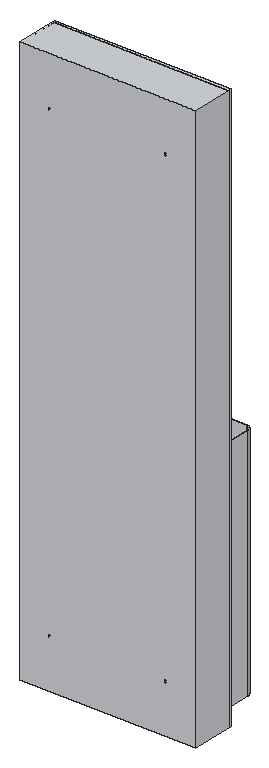
Revit family "AX9205_0006", category Appareils sanitaires, Revit 2016
Family settings
  Hôte = Mur
  Type d'élément = Normal
  Cote de connecteur circulaire = Utiliser le diamètre
  Numéro OmniClass = 23.75.00.00
  Titre OmniClass = Climate Control (HVAC)
  Toujours verticalement = Oui
  Couper avec des vides une fois chargée = Non
  Partagée = Non
  Point de calcul de pièce = Non
Parameters (values of type "Type 1")
  URL = "https://www.axeuro.com/fr/combines-2-en-1/25435-combine-distributeur-d-essuie-mains-et-poubelle-ax9205.html?search_query=ax9205&results=3"
  Modèle = "AX9205"  # constant formula
  Matériaux = "\tEn inox 304 (18/10) Bactériostatique"  # constant formula
  Finition = "Brossé Poli Satiné HyperPolish"  # constant formula
  Fabricant = "Axeuro"  # constant formula
  Description = "Combiné : distributeur d'essuie-mains et poubelle"  # constant formula
Reference planes
  plane 1 "Mur": y = 0
  plane 2 "Centre (gauche/droite)": x = 0
  plane 3 "Arrière": y = 75
Forms (mm)
  Extrusion 1, solid
    sketch origin (12.394, -8.813, 52.381) x (1, 0, 0) y (0, 0, 1)
      loop
        line (206.606, 2149.119) -> (-230.394, 2149.119) -> (-230.394, 727.119) -> (206.606, 727.119) -> (206.606, 2149.119)
      loop
        line (181.606, 752.119) -> (181.606, 2125.119) -> (-206.394, 2125.119) -> (-206.394, 752.119) -> (181.606, 752.119)
    from -192.813 to -185.813
  Extrusion 2, solid
    sketch origin (792.002, 77, -259.389) x (1, 0, 0) y (0, 0, 1)
      loop
        line (-573.002, 2460.889) -> (-1010.002, 2460.889) -> (-1010.002, 1038.889) -> (-573.002, 1038.889) -> (-573.002, 2460.889)
      loop
        line (-575.002, 2458.864) -> (-1008.002, 2458.864) -> (-1008.002, 1040.889) -> (-575.002, 1040.889) -> (-575.002, 2458.864)
    from -100 to 0
  Extrusion 3, solid
    sketch origin (0, 2, -2) x (1, 0, 0) y (0, 1, 0)
      loop
        line (-218, 73) -> (219, 73) -> (219, 75) -> (-218, 75) -> (-218, 73)
    from 781.5 to 2203.5
  Extrusion 4, void
    sketch origin (54.494, 0, 59.77) x (1, 0, 0) y (0, 0, 1)
      loop
        circle (90.506, 2018.73) r 3
    from -77.018 to -75
  Extrusion 5, void
    sketch origin (-54.494, 0, 59.77) x (-1, 0, 0) y (0, 0, -1)
      loop
        circle (90.506, -2018.73) r 3
    from -77.018 to -75
  Extrusion 6, void
    sketch origin (-54.494, -0.018, 2922.089) x (-1, 0, 0) y (0, 0, -1)
      loop
        circle (90.506, 2018.73) r 3
    from -77.018 to -75
  Extrusion 7, solid
    sketch origin (0, 0.3, 0) x (1, 0, 0) y (0, 1, 0)
      loop
        arc (-178.197, 283.7) -> (-189.441, 278.278) -> (-194, 266.658) r 17.091
        line (-194, 266.658) -> (-194, 76.7) -> (0, 76.7) -> (194, 76.7) -> (194, 266.658)
        arc (194, 266.658) -> (189.441, 278.278) -> (178.197, 283.7) r 17.091
        line (178.197, 283.7) -> (0, 283.7) -> (-178.197, 283.7)
      loop
        arc (-178.131, 282) -> (-188.216, 277.1) -> (-192.3, 266.658) r 15.391
        line (-192.3, 266.658) -> (-192.3, 78.718) -> (0, 78.718) -> (192.3, 78.718) -> (192.3, 266.658)
        arc (192.3, 266.658) -> (188.216, 277.1) -> (178.131, 282) r 15.391
        line (178.131, 282) -> (0, 282) -> (-178.131, 282)
    from 802.5 to 1394.5
  Extrusion 8, solid
    sketch origin (0, 0.3, 0) x (1, 0, 0) y (0, 1, 0)
      loop
        line (-194, 77.018) -> (0, 77.018) -> (194, 77.018) -> (194, 266.658)
        arc (194, 266.658) -> (189.441, 278.278) -> (178.197, 283.7) r 17.091
        line (178.197, 283.7) -> (0, 283.7) -> (-178.197, 283.7)
        arc (-178.197, 283.7) -> (-189.441, 278.278) -> (-194, 266.658) r 17.091
        line (-194, 266.658) -> (-194, 77.018)
    from 802.5 to 804.5
  Extrusion 9, solid
    sketch origin (0, 2, 0) x (0, 1, 0) y (0, 0, 1)
      loop
        line (75, 2178.475) -> (75, 1736.086) -> (182, 1754.207) -> (182, 2178.475) -> (75, 2178.475)
    from -194 to 194
  Revolve 10, solid
    sketch origin (157.402, 0.985, 17.924) x (0, 1, 0) y (0, 0, 1)
      loop
        line (183.015, 1951.576) -> (183.015, 1947.779) -> (188.973, 1947.779)
        arc (188.973, 1947.779) -> (186.535, 1950.527) -> (183.015, 1951.576) r 6.699
      axis (188.973, 1939.978) -> (183.015, 1939.978)
    angle from 0 to 360
  Extrusion 11, solid
    sketch origin (157.402, 75.985, 17.924) x (1, 0, 0) y (0, 0, 1)
      loop
        circle (0, 1940.019) r 7.777
    from -113.973 to -108.015
  Extrusion 12, void
    sketch origin (159.603, 75.985, 18.561) x (1, 0, 0) y (0, 0, 1)
      loop
        line (-0.713, 1944.317) -> (-3.713, 1944.317) -> (-3.713, 1934.447) -> (-0.713, 1934.447) -> (-0.713, 1944.317)
    from -113.973 to -108.015
  Revolve 13, solid, not visible
    sketch origin (162.118, 0, 18.451) x (0, 1, 0) y (0, 0, 1)
      loop
        line (183.015, 1951.576) -> (183.015, 1947.779) -> (188.973, 1947.779)
        arc (188.973, 1947.779) -> (186.535, 1950.527) -> (183.015, 1951.576) r 6.699
      axis (188.973, 1939.978) -> (183.015, 1939.978)
    angle from 0 to 360
  Extrusion 14, solid, not visible
    sketch origin (162.118, 75, 18.451) x (1, 0, 0) y (0, 0, 1)
      loop
        circle (0, 1940.019) r 7.777
    from -113.973 to -108.015
  Extrusion 15, void, not visible
    sketch origin (164.319, 75, 19.088) x (1, 0, 0) y (0, 0, 1)
      loop
        line (-0.713, 1944.317) -> (-3.713, 1944.317) -> (-3.713, 1934.447) -> (-0.713, 1934.447) -> (-0.713, 1944.317)
    from -113.973 to -108.015
  Revolve 16, solid
    sketch origin (0, -80.045, -519.974) x (0, 1, 0) y (0, 0, 1)
      loop
        line (183.015, 1951.576) -> (183.015, 1947.779) -> (188.973, 1947.779)
        arc (188.973, 1947.779) -> (186.535, 1950.527) -> (183.015, 1951.576) r 6.699
      axis (188.973, 1939.978) -> (183.015, 1939.978)
    angle from 0 to 360
  Extrusion 17, solid
    sketch origin (0, -5.045, -519.974) x (1, 0, 0) y (0, 0, 1)
      loop
        circle (0, 1940.019) r 7.777
    from -113.973 to -108.015
  Extrusion 18, void
    sketch origin (2.201, -5.045, -519.337) x (1, 0, 0) y (0, 0, 1)
      loop
        line (-0.713, 1944.317) -> (-3.713, 1944.317) -> (-3.713, 1934.447) -> (-0.713, 1934.447) -> (-0.713, 1944.317)
    from -113.973 to -108.015
  Revolve 19, solid, not visible
    sketch origin (0, 0, -534.619) x (0, 1, 0) y (0, 0, 1)
      loop
        line (183.015, 1951.576) -> (183.015, 1947.779) -> (188.973, 1947.779)
        arc (188.973, 1947.779) -> (186.535, 1950.527) -> (183.015, 1951.576) r 6.699
      axis (188.973, 1939.978) -> (183.015, 1939.978)
    angle from 0 to 360
  Extrusion 20, solid, not visible
    sketch origin (0, 75, -534.619) x (1, 0, 0) y (0, 0, 1)
      loop
        circle (0, 1940.019) r 7.777
    from -113.973 to -108.015
  Extrusion 21, void, not visible
    sketch origin (2.201, 75, -533.982) x (1, 0, 0) y (0, 0, 1)
      loop
        line (-0.713, 1944.317) -> (-3.713, 1944.317) -> (-3.713, 1934.447) -> (-0.713, 1934.447) -> (-0.713, 1944.317)
    from -113.973 to -108.015
  Revolve 22, solid, not visible
    sketch origin (0, 0, -534.619) x (0, 1, 0) y (0, 0, 1)
      loop
        line (183.015, 1951.576) -> (183.015, 1947.779) -> (188.973, 1947.779)
        arc (188.973, 1947.779) -> (186.535, 1950.527) -> (183.015, 1951.576) r 6.699
      axis (188.973, 1939.978) -> (183.015, 1939.978)
    angle from 0 to 360
  Extrusion 23, solid, not visible
    sketch origin (0, 75, -534.619) x (1, 0, 0) y (0, 0, 1)
      loop
        circle (0, 1940.019) r 7.777
    from -113.973 to -108.015
  Extrusion 24, void, not visible
    sketch origin (2.201, 75, -533.982) x (1, 0, 0) y (0, 0, 1)
      loop
        line (-0.713, 1944.317) -> (-3.713, 1944.317) -> (-3.713, 1934.447) -> (-0.713, 1934.447) -> (-0.713, 1944.317)
    from -113.973 to -108.015
  Extrusion 25, void
    sketch origin (0, -12.375, 0) x (1, 0, 0) y (0, 1, 0)
      loop
        line (-125.246, 130) -> (-8.351, 117.16)
        arc (-8.351, 117.16) -> (0, 117.096) -> (8.351, 117.16) r 546.45
        line (8.351, 117.16) -> (125.246, 130)
        arc (125.246, 130) -> (132.048, 140) -> (125.246, 150) r 10.752
        line (125.246, 150) -> (75.246, 150)
        arc (75.246, 150) -> (61.579, 150.358) -> (47.95, 151.431) r 261.137
        arc (47.95, 151.431) -> (26.164, 166.695) -> (0, 171.504) r 62.43
        arc (0, 171.504) -> (-26.164, 166.695) -> (-47.95, 151.431) r 62.43
        arc (-47.95, 151.431) -> (-61.579, 150.358) -> (-75.246, 150) r 261.137
        line (-75.246, 150) -> (-125.246, 150)
        arc (-125.246, 150) -> (-132.048, 140) -> (-125.246, 130) r 10.752
    from 1727.5 to 1862.566
  Revolve 26, solid, not visible
    sketch origin (162.118, 0, 18.451) x (0, 1, 0) y (0, 0, 1)
      loop
        line (183.015, 1951.576) -> (183.015, 1947.779) -> (188.973, 1947.779)
        arc (188.973, 1947.779) -> (186.535, 1950.527) -> (183.015, 1951.576) r 6.699
      axis (188.973, 1939.978) -> (183.015, 1939.978)
    angle from 0 to 360
  Extrusion 27, solid, not visible
    sketch origin (162.118, 75, 18.451) x (1, 0, 0) y (0, 0, 1)
      loop
        circle (0, 1940.019) r 7.777
    from -113.973 to -108.015
  Extrusion 28, void, not visible
    sketch origin (164.319, 75, 19.088) x (1, 0, 0) y (0, 0, 1)
      loop
        line (-0.713, 1944.317) -> (-3.713, 1944.317) -> (-3.713, 1934.447) -> (-0.713, 1934.447) -> (-0.713, 1944.317)
    from -113.973 to -108.015
  Revolve 29, solid, not visible
    sketch origin (0, -82.045, -534.619) x (0, 1, 0) y (0, 0, 1)
      loop
        line (183.015, 1951.576) -> (183.015, 1947.779) -> (188.973, 1947.779)
        arc (188.973, 1947.779) -> (186.535, 1950.527) -> (183.015, 1951.576) r 6.699
      axis (188.973, 1939.978) -> (183.015, 1939.978)
    angle from 0 to 360
  Extrusion 30, solid, not visible
    sketch origin (0, -7.045, -534.619) x (1, 0, 0) y (0, 0, 1)
      loop
        circle (0, 1940.019) r 7.777
    from -113.973 to -108.015
  Extrusion 31, void, not visible
    sketch origin (2.201, -7.045, -533.982) x (1, 0, 0) y (0, 0, 1)
      loop
        line (-0.713, 1944.317) -> (-3.713, 1944.317) -> (-3.713, 1934.447) -> (-0.713, 1934.447) -> (-0.713, 1944.317)
    from -113.973 to -108.015
  Extrusion 32, solid
    sketch origin (0, 102, 14.141) x (0, 1, 0) y (0, 0, 1)
      loop
        line (-25, 1385.359) -> (0.97, 1385.359) -> (0.97, 1425.359) -> (-19.831, 1722.82) -> (-25, 1721.945) -> (-25, 1385.359)
    from -194 to 194
  Extrusion 33, void
    sketch origin (54.494, 0, -1115.23) x (1, 0, 0) y (0, 0, 1)
      loop
        circle (90.506, 2018.73) r 3
    from -77.018 to -75
  Extrusion 34, void
    sketch origin (70.506, 0, -1115.23) x (-1, 0, 0) y (0, 0, -1)
      loop
        circle (90.506, 2018.73) r 3
    from -77.018 to -75
  Extrusion 35, void
    sketch origin (0, 177, 0) x (1, 0, 0) y (0, 0, 1)
      loop
        line (194, 802.5) -> (194, 2180.5) -> (-194, 2180.5) -> (-194, 802.5) -> (194, 802.5)
    from -7 to 100
Cuts and joins
  Extrusion 5, Extrusion 6, Extrusion 12 cuts Extrusion 2
  Extrusion 4, Extrusion 5, Extrusion 6, Extrusion 12, Extrusion 33 cuts Extrusion 3
  joined: Extrusion 2, Extrusion 3
  Extrusion 33, Extrusion 34 cuts Extrusion 7
  Extrusion 35 cuts Extrusion 8
  joined: Extrusion 7, Extrusion 8
  Extrusion 18, Extrusion 25, Extrusion 33, Extrusion 34 cuts Extrusion 9
  Extrusion 12, Extrusion 18 cuts Extrusion 11
  Extrusion 18 cuts Extrusion 17
  Extrusion 33, Extrusion 34 cuts Extrusion 1
Lines and regions (mm)
  reference lines
    curve 1: line (219, 75, 1687.5) -> (219, 75, 1727.5)
    curve 2: line (0, 75, 2162.5) -> (0, 82, 2162.5)
    curve 3: line (0, -27, 2162.5) -> (0, -25, 2162.5)
Text (mm)
  text "Côté de la mise en place" at (-1820.995, 1116.779, 0), in view "Niveau de réf."
  text "Côté de la mise en place" at (0, 1334.055, 2976.191), in view "Gauche"
  text "Côté de la mise en place" at (0, 439.194, 2944.362), in view "Droite"
Dimensions and locks
  locked: plane 3 "Arrière" to host wall
  aligned and locked: plane 1 "Mur" to host wall
